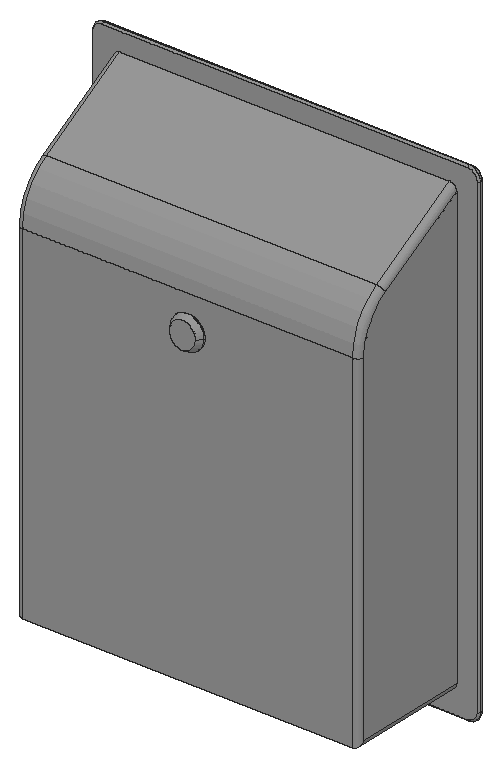
Revit family "KG02 Hand Towel Dispenser", category Generic Models, Revit 2016
Family settings
  Part Type = Normal
  Can host rebar = No
  Round Connector Dimension = Use Diameter
  Work Plane-Based = No
  Always vertical = Yes
  Cut with Voids When Loaded = No
  Shared = No
  Room Calculation Point = No
Parameters
  URL = "https://www.kingswaygroupusa.com/products/kg02-ligature-resistant-paper-towel-dispenser/"
  Telephone = "1-248-429-5520"
  Model = "KG02 Hand Towel Dispenser"
  Manufacturer = "Kingsway Group Inc"
  Finish = Brushed Stainless Steel
  Email Address = "sales@kingswaygroupusa.com"
  Description = "The Kingsway Group USA Stainless-steel paper towel dispenser provides a safe and effective means of dispensing paper towels and is anti-ligature by design."
  Address = "164 Indusco Court, Troy, Michigan, 48083. United States"
Reference planes (in)
  plane 1 "Center (Front/Back)": y = 0
  plane 2: z = 0
  plane 3 "Center (Left/Right)": x = 0
Lines and regions (in)
  symbolic lines
    curve 1: line (-6.61639, 0, 0) -> (6.61639, 0, 0)
    curve 2: line (-6.61639, -0.10621, 0) -> (-6.61639, 0, 0)
    curve 3: line (6.61639, -0.10621, 0) -> (-6.61639, -0.10621, 0)
    curve 4: line (6.61639, 0, 0) -> (6.61639, -0.10621, 0)
    curve 5: line (-5.83573, -4.05701, 0) -> (-5.83573, -0.10621, 0)
    curve 6: line (5.64001, -4.25386, 0) -> (-5.63888, -4.25386, 0)
    curve 7: line (5.83686, -0.10621, 0) -> (5.83686, -4.05701, 0)
    curve 8: arc (-5.83573, -4.05701, 0) -> (-5.77808, -4.1962, 0) -> (-5.63888, -4.25386, 0) r 0.19685
    curve 9: arc (5.64001, -4.25386, 0) -> (5.7792, -4.1962, 0) -> (5.83686, -4.05701, 0) r 0.19685
    curve 10: line (0, 0, 0) -> (0, -0.10621, 0)
    curve 11: line (0, 0, 16.9685) -> (0, 0, 0)
    curve 12: line (0, -0.10621, 16.9685) -> (0, 0, 16.9685)
    curve 13: line (0, -0.10621, 0) -> (0, -0.10621, 16.9685)
    curve 14: line (0, -0.10621, 0.79141) -> (0, -4.25386, 0.79141)
    curve 15: line (0, -4.25386, 0.79141) -> (0, -4.25386, 12.73797)
    curve 16: line (0, -0.10621, 16.28732) -> (0, -3.25386, 14.47002)
    curve 17: line (-5.6282, 0, 0.79428) -> (5.62671, 0, 0.79428)
    curve 18: line (5.62033, 0, 16.28766) -> (-5.62033, 0, 16.28766)
    curve 19: line (5.83686, 0, 1.00443) -> (5.83686, 0, 16.07112)
    curve 20: line (-5.83686, 0, 1.00294) -> (-5.83686, 0, 16.07112)
    curve 21: arc (-5.83686, 0, 16.07112) -> (-5.77344, 0, 16.22423) -> (-5.62033, 0, 16.28766) r 0.21654
    curve 22: arc (5.62033, 0, 16.28766) -> (5.77344, 0, 16.22423) -> (5.83686, 0, 16.07112) r 0.21654
    curve 23: arc (5.83686, 0, 1.00443) -> (5.77531, 0, 0.85583) -> (5.62671, 0, 0.79428) r 0.21015
    curve 24: arc (-5.6282, 0, 0.79428) -> (-5.77575, 0, 0.85539) -> (-5.83686, 0, 1.00294) r 0.20866
    curve 26: arc (0, -3.25386, 14.47002) -> (0, -3.98591, 13.73797) -> (0, -4.25386, 12.73797) r 2
  symbolic lines, style "GenericModel"
    curve 25: line (5.83686, 0, 12.6148) -> (-5.83686, 0, 12.6148)
Dimensions and locks (in)
  aligned and locked: level to plane 2
Nested families (in)
  nested 1: "KG02" at (0, 0, 0), type "KG02"
Definition of nested family "KG02"
  Parameters (values of type "KG02")
    Finish = none
  Reference planes (in)
    plane 1 "Center (Front/Back)": y = 0
    plane 2: z = 0
    plane 3 "Center (Left/Right)": x = 0
    plane 4 "Front": y = -4.25386
  Forms (in)
    Extrusion 1, solid, material <- "Finish"
      sketch origin (0, 0, 0) x (1, 0, 0) y (0, 0, 1)
        loop
          arc (6.23407, 0) -> (6.50441, 0.11198) -> (6.61639, 0.38231) r 0.38231
          line (6.61639, 0.38231) -> (6.61639, 16.58619)
          arc (6.61639, 16.58619) -> (6.50441, 16.85653) -> (6.23407, 16.9685) r 0.38231
          line (6.23407, 16.9685) -> (-6.23407, 16.9685)
          arc (-6.23407, 16.9685) -> (-6.50441, 16.85653) -> (-6.61639, 16.58619) r 0.38231
          line (-6.61639, 16.58619) -> (-6.61639, 0.38231)
          arc (-6.61639, 0.38231) -> (-6.50441, 0.11198) -> (-6.23407, 0) r 0.38231
          line (-6.23407, 0) -> (6.23407, 0)
      from 0 to 0.10621
    Sweep 2, void
      path in 3D
        loop
          arc (-6.61639, -0.10621, 0.38231) -> (-6.50441, -0.10621, 0.11198) -> (-6.23407, -0.10621, 0) r 0.38231
          line (-6.23407, -0.10621, 0) -> (6.23407, -0.10621, 0)
          arc (6.23407, -0.10621, 0) -> (6.50441, -0.10621, 0.11198) -> (6.61639, -0.10621, 0.38231) r 0.38231
          line (6.61639, -0.10621, 0.38231) -> (6.61639, -0.10621, 16.58619)
          arc (6.61639, -0.10621, 16.58619) -> (6.50441, -0.10621, 16.85653) -> (6.23407, -0.10621, 16.9685) r 0.38231
          line (6.23407, -0.10621, 16.9685) -> (-6.23407, -0.10621, 16.9685)
          arc (-6.23407, -0.10621, 16.9685) -> (-6.50441, -0.10621, 16.85653) -> (-6.61639, -0.10621, 16.58619) r 0.38231
          line (-6.61639, -0.10621, 16.58619) -> (-6.61639, -0.10621, 0.38231)
      profile origin (-6.61639, -0.10621, 8.48425) x (-1, 0, 0) y (0, -1, 0)
        loop
          line (0, -0.05826) -> (0, 0) -> (-0.05826, 0) -> (0, -0.05826)
    Extrusion 3, solid, material <- "Finish"
      sketch origin (0, 0, 0) x (0, 1, 0) y (0, 0, 1)
        loop
          line (-0.10621, 16.28556) -> (-3.23221, 14.48077)
          arc (-3.23221, 14.48077) -> (-3.98011, 13.73287) -> (-4.25386, 12.71121) r 2.04331
          line (-4.25386, 12.71121) -> (-4.25386, 0.79428) -> (-0.10621, 0.79428) -> (-0.10621, 16.28556)
      from -5.83686 to 5.83686
    Extrusion 4, solid, material <- "Finish"
      sketch origin (2.4001, -1.40346, -2.75846) x (1, 0, 0) y (0, 0, 1)
        loop
          circle (-2.4001, 14.28562) r 0.57347
      from 2.85039 to 3.07978
    Sweep 5, void
      path in 3D
        loop
          arc (0.57347, -4.48325, 11.52716) -> (0, -4.48325, 10.95369) -> (-0.57347, -4.48325, 11.52716) r 0.57347
          arc (-0.57347, -4.48325, 11.52716) -> (0, -4.48325, 12.10063) -> (0.57347, -4.48325, 11.52716) r 0.57347
      profile origin (0, -4.48325, 12.10063) x (0, 0, 1) y (0, -1, 0)
        loop
          line (-0.12616, 0) -> (0, -0.21027) -> (0, 0) -> (-0.12616, 0)
    Sweep 6, void
      path in 3D
        loop
          line (-5.83686, -0.04795, 16.3192) -> (-5.83686, -3.23221, 14.48077)
          arc (-5.83686, -3.23221, 14.48077) -> (-5.83686, -3.98011, 13.73287) -> (-5.83686, -4.25386, 12.71121) r 2.04331
          line (-5.83686, -4.25386, 12.71121) -> (-5.83686, -4.25386, 0.79428) -> (-5.83686, -0.10621, 0.79428)
      profile origin (-5.83686, -2.18004, 0.79428) x (1, 0, 0) y (0, 0, -1)
        loop
          arc (0, -0.21242) -> (0.06222, -0.06222) -> (0.21242, 0) r 0.21242
          line (0.21242, 0) -> (0, 0) -> (0, -0.21242)
    Sweep 7, void
      path in 3D
        loop
          line (5.83686, -0.04795, 16.3192) -> (5.83686, -3.23221, 14.48077)
          arc (5.83686, -3.23221, 14.48077) -> (5.83686, -3.98011, 13.73287) -> (5.83686, -4.25386, 12.71121) r 2.04331
          line (5.83686, -4.25386, 12.71121) -> (5.83686, -4.25386, 0.79428) -> (5.83686, -0.10621, 0.79428)
      profile origin (5.83686, -2.18004, 0.79428) x (1, 0, 0) y (0, 0, -1)
        loop
          line (0, -0.21242) -> (0, 0) -> (-0.21242, 0)
          arc (-0.21242, 0) -> (-0.06222, -0.06222) -> (0, -0.21242) r 0.21242
  Cuts and joins
    Sweep 2 cuts Extrusion 1
    Sweep 5 cuts Extrusion 4
    Sweep 6, Sweep 7 cuts Extrusion 3
  Lines and regions (in)
    sketch lines
      curve 1: line (-6.61639, -0.10621, 16.58619) -> (-6.61639, -0.10621, 0.38231)
      curve 2: arc (-6.61639, -0.10621, 16.58619) -> (-6.50441, -0.10621, 16.85653) -> (-6.23407, -0.10621, 16.9685) r 0.38231
      curve 3: line (6.23407, -0.10621, 16.9685) -> (-6.23407, -0.10621, 16.9685)
      curve 4: arc (6.23407, -0.10621, 16.9685) -> (6.50441, -0.10621, 16.85653) -> (6.61639, -0.10621, 16.58619) r 0.38231
      curve 5: line (6.61639, -0.10621, 0.38231) -> (6.61639, -0.10621, 16.58619)
      curve 6: arc (6.61639, -0.10621, 0.38231) -> (6.50441, -0.10621, 0.11198) -> (6.23407, -0.10621, 0) r 0.38231
      curve 7: line (-6.23407, -0.10621, 0) -> (6.23407, -0.10621, 0)
      curve 8: arc (-6.23407, -0.10621, 0) -> (-6.50441, -0.10621, 0.11198) -> (-6.61639, -0.10621, 0.38231) r 0.38231
      curve 255: arc (-0.57347, -4.48325, 11.52716) -> (0, -4.48325, 12.10063) -> (0.57347, -4.48325, 11.52716) r 0.57347
      curve 256: arc (0.57347, -4.48325, 11.52716) -> (0, -4.48325, 10.95369) -> (-0.57347, -4.48325, 11.52716) r 0.57347
      curve 261: line (-5.83686, -4.25386, 0.79428) -> (-5.83686, -0.10621, 0.79428)
      curve 262: line (-5.83686, -4.25386, 0.79428) -> (-5.83686, -4.25386, 12.71121)
      curve 263: arc (-5.83686, -3.23221, 14.48077) -> (-5.83686, -3.98011, 13.73287) -> (-5.83686, -4.25386, 12.71121) r 2.04331
      curve 264: line (-5.83686, -3.23221, 14.48077) -> (-5.83686, -0.04795, 16.3192)
      curve 265: line (5.83686, -4.25386, 0.79428) -> (5.83686, -0.10621, 0.79428)
      curve 266: line (5.83686, -4.25386, 0.79428) -> (5.83686, -4.25386, 12.71121)
      curve 267: arc (5.83686, -3.23221, 14.48077) -> (5.83686, -3.98011, 13.73287) -> (5.83686, -4.25386, 12.71121) r 2.04331
      curve 268: line (5.83686, -3.23221, 14.48077) -> (5.83686, -0.04795, 16.3192)
    symbolic lines
      curve 9: circle (-6.2278, 0, 16.57993) r 0.11469 normal (0, -1, 0)
      curve 10: circle (-6.2278, 0, 16.57993) r 0.17204 normal (0, -1, 0)
      curve 11: circle (-6.2278, 0, 0.38858) r 0.11469 normal (0, -1, 0)
      curve 12: circle (-6.2278, 0, 0.38858) r 0.17204 normal (0, -1, 0)
      curve 247: circle (6.22131, 0, 16.57993) r 0.11469 normal (0, 1, 0)
      curve 248: circle (6.22131, 0, 16.57993) r 0.17204 normal (0, 1, 0)
      curve 249: circle (6.22131, 0, 0.38858) r 0.11469 normal (0, 1, 0)
      curve 250: circle (6.22131, 0, 0.38858) r 0.17204 normal (0, 1, 0)
      curve 251: circle (-6.2278, 0, 8.48425) r 0.11469 normal (0, -1, 0)
      curve 252: circle (-6.2278, 0, 8.48425) r 0.17204 normal (0, -1, 0)
      curve 253: circle (6.22131, 0, 8.48425) r 0.11469 normal (0, 1, 0)
      curve 254: circle (6.22131, 0, 8.48425) r 0.17204 normal (0, 1, 0)
      curve 257: circle (0, 0, 16.57993) r 0.11469 normal (0, -1, 0)
      curve 258: circle (0, 0, 16.57993) r 0.17204 normal (0, -1, 0)
      curve 259: circle (0, 0, 0.38858) r 0.11469 normal (0, -1, 0)
      curve 260: circle (0, 0, 0.38858) r 0.17204 normal (0, -1, 0)
    model lines
      curve 13: arc (0.67742, -4.25386, 10.42758) -> (0.72423, -4.25386, 10.41892) -> (0.76156, -4.25386, 10.44845) r 0.0576
      curve 14: arc (0.76156, -4.25386, 10.50413) -> (0.72195, -4.25386, 10.5318) -> (0.67488, -4.25386, 10.5209) r 0.05943
      curve 15: arc (0.67488, -4.25386, 10.5209) -> (0.65422, -4.25386, 10.47364) -> (0.67742, -4.25386, 10.42758) r 0.06063
      curve 16: arc (0.63661, -4.25386, 10.47502) -> (0.6444, -4.25386, 10.44043) -> (0.66729, -4.25386, 10.41334) r 0.07458
      curve 17: arc (0.71032, -4.25386, 10.39974) -> (0.73913, -4.25386, 10.4058) -> (0.76219, -4.25386, 10.4241) r 0.06412
      curve 18: arc (0.31333, -4.25386, 10.55032) -> (0.27999, -4.25386, 10.53956) -> (0.2643, -4.25386, 10.50824) r 0.04529
      curve 19: arc (0.31554, -4.25386, 10.39974) -> (0.34992, -4.25386, 10.41058) -> (0.36553, -4.25386, 10.44308) r 0.04536
      curve 20: arc (0.31428, -4.25386, 10.41683) -> (0.33604, -4.25386, 10.42271) -> (0.34749, -4.25386, 10.44212) r 0.02987
      curve 21: arc (0.44049, -4.25386, 10.2287) -> (0.39343, -4.25386, 10.23957) -> (0.35382, -4.25386, 10.21194) r 0.05948
      curve 22: arc (0.35382, -4.25386, 10.15626) -> (0.39116, -4.25386, 10.12675) -> (0.43796, -4.25386, 10.13538) r 0.05765
      curve 23: arc (0.43796, -4.25386, 10.13538) -> (0.46115, -4.25386, 10.18145) -> (0.44049, -4.25386, 10.2287) r 0.06063
      curve 24: arc (0.47877, -4.25386, 10.18283) -> (0.47186, -4.25386, 10.21538) -> (0.45188, -4.25386, 10.24199) r 0.07717
      curve 25: arc (0.44809, -4.25386, 10.12114) -> (0.47108, -4.25386, 10.14818) -> (0.47877, -4.25386, 10.18283) r 0.07376
      curve 26: arc (0.35382, -4.25386, 10.13127) -> (0.37665, -4.25386, 10.11337) -> (0.40506, -4.25386, 10.10754) r 0.06328
      curve 27: arc (0.17131, -4.25386, 10.18093) -> (0.17237, -4.25386, 10.16159) -> (0.17953, -4.25386, 10.1436) r 0.06012
      curve 28: arc (0.17953, -4.25386, 10.1436) -> (0.19532, -4.25386, 10.12951) -> (0.21591, -4.25386, 10.12462) r 0.04311
      curve 29: arc (0.21591, -4.25386, 10.12462) -> (0.24405, -4.25386, 10.1331) -> (0.26399, -4.25386, 10.15468) r 0.05588
      curve 30: arc (0.21591, -4.25386, 10.10754) -> (0.24283, -4.25386, 10.11344) -> (0.26463, -4.25386, 10.13031) r 0.06275
      curve 31: arc (0.16182, -4.25386, 10.13727) -> (0.18478, -4.25386, 10.11497) -> (0.21591, -4.25386, 10.10754) r 0.06034
      curve 32: arc (0.04098, -4.25386, 10.12462) -> (0.09805, -4.25386, 10.18283) -> (0.04098, -4.25386, 10.24103) r 0.05822
      curve 33: arc (0.04098, -4.25386, 10.24103) -> (-0.01609, -4.25386, 10.18283) -> (0.04098, -4.25386, 10.12462) r 0.05822
      curve 34: arc (0.04098, -4.25386, 10.25812) -> (-0.034, -4.25386, 10.18283) -> (0.04098, -4.25386, 10.10754) r 0.07529
      curve 35: arc (0.04098, -4.25386, 10.10754) -> (0.11596, -4.25386, 10.18283) -> (0.04098, -4.25386, 10.25812) r 0.07529
      curve 36: arc (-0.06309, -4.25386, 10.25813) -> (-0.08857, -4.25386, 10.25263) -> (-0.10864, -4.25386, 10.23598) r 0.0548
      curve 37: arc (-0.0634, -4.25386, 10.24103) -> (-0.09085, -4.25386, 10.2319) -> (-0.10864, -4.25386, 10.20909) r 0.04998
      curve 38: arc (-0.15579, -4.25386, 10.61328) -> (-0.17167, -4.25386, 10.5973) -> (-0.15579, -4.25386, 10.58132) r 0.01598
      curve 39: arc (-0.15579, -4.25386, 10.58132) -> (-0.13968, -4.25386, 10.5973) -> (-0.15579, -4.25386, 10.61328) r 0.01598
      curve 40: arc (-0.02482, -4.25386, 10.53324) -> (-0.05389, -4.25386, 10.525) -> (-0.0748, -4.25386, 10.50319) r 0.05766
      curve 41: arc (0.01283, -4.25386, 10.51394) -> (-0.00358, -4.25386, 10.52829) -> (-0.02482, -4.25386, 10.53324) r 0.04498
      curve 42: arc (0.02105, -4.25386, 10.47851) -> (0.01993, -4.25386, 10.49691) -> (0.01283, -4.25386, 10.51394) r 0.05552
      curve 43: arc (0.03909, -4.25386, 10.47977) -> (0.03685, -4.25386, 10.50392) -> (0.02675, -4.25386, 10.52596) r 0.07223
      curve 44: arc (0.02675, -4.25386, 10.52596) -> (0.00408, -4.25386, 10.54436) -> (-0.0245, -4.25386, 10.55032) r 0.06195
      curve 45: arc (0.07703, -4.25386, 10.47502) -> (0.08483, -4.25386, 10.44042) -> (0.10773, -4.25386, 10.41334) r 0.07457
      curve 46: arc (0.15075, -4.25386, 10.39974) -> (0.17912, -4.25386, 10.40566) -> (0.20199, -4.25386, 10.42347) r 0.06414
      curve 47: arc (0.1498, -4.25386, 10.34089) -> (0.17664, -4.25386, 10.34647) -> (0.1963, -4.25386, 10.36558) r 0.04906
      curve 48: arc (0.09823, -4.25386, 10.36874) -> (0.12031, -4.25386, 10.34796) -> (0.1498, -4.25386, 10.34089) r 0.059
      curve 49: arc (0.084, -4.25386, 10.3583) -> (0.11231, -4.25386, 10.33265) -> (0.14947, -4.25386, 10.32381) r 0.07679
      curve 50: arc (0.14947, -4.25386, 10.32381) -> (0.18562, -4.25386, 10.33132) -> (0.21212, -4.25386, 10.35703) r 0.06618
      curve 51: arc (-0.35443, -4.25386, 10.22142) -> (-0.32791, -4.25386, 10.15345) -> (-0.26047, -4.25386, 10.12557) r 0.09295
      curve 52: arc (-0.26236, -4.25386, 10.31728) -> (-0.3287, -4.25386, 10.28886) -> (-0.35443, -4.25386, 10.22142) r 0.0925
      curve 53: arc (-0.26236, -4.25386, 10.33531) -> (-0.34201, -4.25386, 10.30189) -> (-0.37341, -4.25386, 10.22142) r 0.11073
      curve 54: arc (-0.37341, -4.25386, 10.22142) -> (-0.34096, -4.25386, 10.13999) -> (-0.25953, -4.25386, 10.10754) r 0.11092
      curve 55: arc (-0.25953, -4.25386, 10.10754) -> (-0.21217, -4.25386, 10.11845) -> (-0.17411, -4.25386, 10.14867) r 0.1102
      curve 56: arc (0.11784, -4.25386, 10.42758) -> (0.16465, -4.25386, 10.41893) -> (0.20199, -4.25386, 10.44845) r 0.05763
      curve 57: arc (0.20199, -4.25386, 10.50414) -> (0.1624, -4.25386, 10.53188) -> (0.11532, -4.25386, 10.5209) r 0.05927
      curve 58: arc (0.11532, -4.25386, 10.5209) -> (0.09465, -4.25386, 10.47365) -> (0.11784, -4.25386, 10.42758) r 0.06064
      curve 59: line (-0.80123, -4.25386, 10.13758) -> (-0.95579, -4.25386, 10.13758)
      curve 60: line (-0.95579, -4.25386, 10.13758) -> (-0.95579, -4.25386, 10.11373)
      curve 61: line (-0.95579, -4.25386, 10.11373) -> (-0.80123, -4.25386, 10.11373)
      curve 62: line (-0.80123, -4.25386, 10.11373) -> (-0.80123, -4.25386, 10.13758)
      curve 63: line (-0.68043, -4.25386, 10.11291) -> (-0.76472, -4.25386, 10.22001)
      curve 64: line (-0.76472, -4.25386, 10.22001) -> (-0.95579, -4.25386, 10.22001)
      curve 65: line (-0.95579, -4.25386, 10.22001) -> (-0.95579, -4.25386, 10.19617)
      curve 66: line (-0.95579, -4.25386, 10.19617) -> (-0.7763, -4.25386, 10.19617)
      curve 67: line (-0.7763, -4.25386, 10.19617) -> (-0.71076, -4.25386, 10.11291)
      curve 68: line (-0.71076, -4.25386, 10.11291) -> (-0.68043, -4.25386, 10.11291)
      curve 69: line (-0.80123, -4.25386, 10.63179) -> (-0.95579, -4.25386, 10.63179)
      curve 70: line (-0.95579, -4.25386, 10.63179) -> (-0.95579, -4.25386, 10.60795)
      curve 71: line (-0.95579, -4.25386, 10.60795) -> (-0.80123, -4.25386, 10.60795)
      curve 72: line (-0.80123, -4.25386, 10.60795) -> (-0.80123, -4.25386, 10.63179)
      curve 73: line (-0.95579, -4.25386, 10.46692) -> (-0.95579, -4.25386, 10.44308)
      curve 74: line (-0.95579, -4.25386, 10.44308) -> (-0.72208, -4.25386, 10.44308)
      curve 75: line (-0.72208, -4.25386, 10.44308) -> (-0.57291, -4.25386, 10.63261)
      curve 76: line (-0.57291, -4.25386, 10.63261) -> (-0.60323, -4.25386, 10.63261)
      curve 77: line (-0.60323, -4.25386, 10.63261) -> (-0.73365, -4.25386, 10.46692)
      curve 78: line (-0.73365, -4.25386, 10.46692) -> (-0.95579, -4.25386, 10.46692)
      curve 79: line (-0.95579, -4.25386, 10.30244) -> (-0.95579, -4.25386, 10.27859)
      curve 80: line (-0.95579, -4.25386, 10.27859) -> (-0.73365, -4.25386, 10.27859)
      curve 81: line (-0.73365, -4.25386, 10.27859) -> (-0.60323, -4.25386, 10.11292)
      curve 82: line (-0.60323, -4.25386, 10.11292) -> (-0.57291, -4.25386, 10.11292)
      curve 83: line (-0.57291, -4.25386, 10.11292) -> (-0.72208, -4.25386, 10.30244)
      curve 84: line (-0.72208, -4.25386, 10.30244) -> (-0.95579, -4.25386, 10.30244)
      curve 85: line (-0.95579, -4.25386, 10.54935) -> (-0.95579, -4.25386, 10.52552)
      curve 86: line (-0.95579, -4.25386, 10.52552) -> (-0.76472, -4.25386, 10.52552)
      curve 87: line (-0.76472, -4.25386, 10.52552) -> (-0.68043, -4.25386, 10.63261)
      curve 88: line (-0.68043, -4.25386, 10.63261) -> (-0.71076, -4.25386, 10.63261)
      curve 89: line (-0.71076, -4.25386, 10.63261) -> (-0.7763, -4.25386, 10.54935)
      curve 90: line (-0.7763, -4.25386, 10.54935) -> (-0.95579, -4.25386, 10.54935)
      curve 91: line (0.76156, -4.25386, 10.44845) -> (0.76156, -4.25386, 10.50413)
      curve 92: line (0.76219, -4.25386, 10.4241) -> (0.76219, -4.25386, 10.40291)
      curve 93: line (0.76219, -4.25386, 10.40291) -> (0.7796, -4.25386, 10.40291)
      curve 94: line (0.7796, -4.25386, 10.40291) -> (0.7796, -4.25386, 10.54716)
      curve 95: line (0.7796, -4.25386, 10.54716) -> (0.76219, -4.25386, 10.54716)
      curve 96: line (0.76219, -4.25386, 10.54716) -> (0.76219, -4.25386, 10.52722)
      curve 97: line (0.76219, -4.25386, 10.52722) -> (0.73547, -4.25386, 10.54557)
      curve 98: line (0.73547, -4.25386, 10.54557) -> (0.70936, -4.25386, 10.55032)
      curve 99: line (0.70936, -4.25386, 10.55032) -> (0.68164, -4.25386, 10.54487)
      curve 100: line (0.68164, -4.25386, 10.54487) -> (0.66349, -4.25386, 10.53418)
      curve 101: line (0.66349, -4.25386, 10.53418) -> (0.64229, -4.25386, 10.50473)
      curve 102: line (0.64229, -4.25386, 10.50473) -> (0.63661, -4.25386, 10.47502)
      curve 103: line (0.66729, -4.25386, 10.41334) -> (0.69165, -4.25386, 10.40203)
      curve 104: line (0.69165, -4.25386, 10.40203) -> (0.71032, -4.25386, 10.39974)
      curve 105: line (0.45503, -4.25386, 10.40291) -> (0.50186, -4.25386, 10.51773)
      curve 106: line (0.50186, -4.25386, 10.51773) -> (0.54867, -4.25386, 10.40291)
      curve 107: line (0.54867, -4.25386, 10.40291) -> (0.56039, -4.25386, 10.40291)
      curve 108: line (0.56039, -4.25386, 10.40291) -> (0.61605, -4.25386, 10.54716)
      curve 109: line (0.61605, -4.25386, 10.54716) -> (0.5974, -4.25386, 10.54716)
      curve 110: line (0.5974, -4.25386, 10.54716) -> (0.55374, -4.25386, 10.4339)
      curve 111: line (0.55374, -4.25386, 10.4339) -> (0.50756, -4.25386, 10.54716)
      curve 112: line (0.50756, -4.25386, 10.54716) -> (0.49617, -4.25386, 10.54716)
      curve 113: line (0.49617, -4.25386, 10.54716) -> (0.44997, -4.25386, 10.4339)
      curve 114: line (0.44997, -4.25386, 10.4339) -> (0.40633, -4.25386, 10.54716)
      curve 115: line (0.40633, -4.25386, 10.54716) -> (0.38765, -4.25386, 10.54716)
      curve 116: line (0.38765, -4.25386, 10.54716) -> (0.44334, -4.25386, 10.40291)
      curve 117: line (0.44334, -4.25386, 10.40291) -> (0.45503, -4.25386, 10.40291)
      curve 118: line (0.2643, -4.25386, 10.50824) -> (0.26594, -4.25386, 10.49728)
      curve 119: line (0.26594, -4.25386, 10.49728) -> (0.27046, -4.25386, 10.48878)
      curve 120: line (0.27046, -4.25386, 10.48878) -> (0.2773, -4.25386, 10.4823)
      curve 121: line (0.2773, -4.25386, 10.4823) -> (0.3059, -4.25386, 10.47056)
      curve 122: line (0.3059, -4.25386, 10.47056) -> (0.33449, -4.25386, 10.46113)
      curve 123: line (0.33449, -4.25386, 10.46113) -> (0.34392, -4.25386, 10.45357)
      curve 124: line (0.34656, -4.25386, 10.44843) -> (0.34749, -4.25386, 10.44212)
      curve 125: line (0.36553, -4.25386, 10.44308) -> (0.36389, -4.25386, 10.45439)
      curve 126: line (0.36389, -4.25386, 10.45439) -> (0.35937, -4.25386, 10.46328)
      curve 127: line (0.35937, -4.25386, 10.46328) -> (0.35253, -4.25386, 10.47017)
      curve 128: line (0.35253, -4.25386, 10.47017) -> (0.32392, -4.25386, 10.48282)
      curve 129: line (0.32392, -4.25386, 10.48282) -> (0.29532, -4.25386, 10.49197)
      curve 130: line (0.29532, -4.25386, 10.49197) -> (0.28589, -4.25386, 10.49865)
      curve 131: line (0.28232, -4.25386, 10.50856) -> (0.28395, -4.25386, 10.51703)
      curve 132: line (0.28395, -4.25386, 10.51703) -> (0.28837, -4.25386, 10.52369)
      curve 133: line (0.28837, -4.25386, 10.52369) -> (0.29487, -4.25386, 10.52857)
      curve 134: line (0.29487, -4.25386, 10.52857) -> (0.31428, -4.25386, 10.53324)
      curve 135: line (0.31428, -4.25386, 10.53324) -> (0.33526, -4.25386, 10.52961)
      curve 136: line (0.33526, -4.25386, 10.52961) -> (0.35033, -4.25386, 10.52153)
      curve 137: line (0.35033, -4.25386, 10.52153) -> (0.35982, -4.25386, 10.5364)
      curve 138: line (0.35982, -4.25386, 10.5364) -> (0.33703, -4.25386, 10.54698)
      curve 139: line (0.33703, -4.25386, 10.54698) -> (0.31333, -4.25386, 10.55032)
      curve 140: line (0.31428, -4.25386, 10.41683) -> (0.2884, -4.25386, 10.42276)
      curve 141: line (0.2884, -4.25386, 10.42276) -> (0.27062, -4.25386, 10.43422)
      curve 142: line (0.27062, -4.25386, 10.43422) -> (0.25955, -4.25386, 10.4203)
      curve 143: line (0.25955, -4.25386, 10.4203) -> (0.28672, -4.25386, 10.40437)
      curve 144: line (0.28672, -4.25386, 10.40437) -> (0.31554, -4.25386, 10.39974)
      curve 145: line (-0.22315, -4.25386, 10.40291) -> (-0.19784, -4.25386, 10.40291)
      curve 146: line (-0.19784, -4.25386, 10.40291) -> (-0.31678, -4.25386, 10.51963)
      curve 147: line (-0.31678, -4.25386, 10.51963) -> (-0.20733, -4.25386, 10.62435)
      curve 148: line (-0.20733, -4.25386, 10.62435) -> (-0.23264, -4.25386, 10.62435)
      curve 149: line (-0.23264, -4.25386, 10.62435) -> (-0.33703, -4.25386, 10.52501)
      curve 150: line (-0.33703, -4.25386, 10.52501) -> (-0.33703, -4.25386, 10.62435)
      curve 151: line (-0.33703, -4.25386, 10.62435) -> (-0.35601, -4.25386, 10.62435)
      curve 152: line (-0.35601, -4.25386, 10.62435) -> (-0.35601, -4.25386, 10.40291)
      curve 153: line (-0.35601, -4.25386, 10.40291) -> (-0.33703, -4.25386, 10.40291)
      curve 154: line (-0.33703, -4.25386, 10.40291) -> (-0.33703, -4.25386, 10.51489)
      curve 155: line (-0.33703, -4.25386, 10.51489) -> (-0.22315, -4.25386, 10.40291)
      curve 156: line (0.35382, -4.25386, 10.21194) -> (0.35382, -4.25386, 10.15626)
      curve 157: line (0.40506, -4.25386, 10.10754) -> (0.42896, -4.25386, 10.11137)
      curve 158: line (0.42896, -4.25386, 10.11137) -> (0.44809, -4.25386, 10.12114)
      curve 159: line (0.45188, -4.25386, 10.24199) -> (0.42814, -4.25386, 10.25469)
      curve 160: line (0.42814, -4.25386, 10.25469) -> (0.40602, -4.25386, 10.25812)
      curve 161: line (0.40602, -4.25386, 10.25812) -> (0.37345, -4.25386, 10.25053)
      curve 162: line (0.37345, -4.25386, 10.25053) -> (0.35319, -4.25386, 10.23503)
      curve 163: line (0.35319, -4.25386, 10.23503) -> (0.35319, -4.25386, 10.25496)
      curve 164: line (0.35319, -4.25386, 10.25496) -> (0.33579, -4.25386, 10.25496)
      curve 165: line (0.33579, -4.25386, 10.25496) -> (0.33579, -4.25386, 10.03478)
      curve 166: line (0.33579, -4.25386, 10.03478) -> (0.35382, -4.25386, 10.03478)
      curve 167: line (0.35382, -4.25386, 10.03478) -> (0.35382, -4.25386, 10.13127)
      curve 168: line (-0.46537, -4.25386, 10.63261) -> (-0.4957, -4.25386, 10.63261)
      curve 169: line (-0.4957, -4.25386, 10.63261) -> (-0.691, -4.25386, 10.38449)
      curve 170: line (-0.691, -4.25386, 10.38449) -> (-0.95579, -4.25386, 10.38449)
      curve 171: line (-0.95579, -4.25386, 10.38449) -> (-0.95579, -4.25386, 10.36065)
      curve 172: line (-0.95579, -4.25386, 10.36065) -> (-0.691, -4.25386, 10.36065)
      curve 173: line (-0.691, -4.25386, 10.36065) -> (-0.496, -4.25386, 10.11291)
      curve 174: line (-0.496, -4.25386, 10.11291) -> (-0.46565, -4.25386, 10.11291)
      curve 175: line (-0.46565, -4.25386, 10.11291) -> (-0.67005, -4.25386, 10.37258)
      curve 176: line (-0.67005, -4.25386, 10.37258) -> (-0.46537, -4.25386, 10.63261)
      curve 177: line (0.17131, -4.25386, 10.18093) -> (0.17131, -4.25386, 10.25496)
      curve 178: line (0.17131, -4.25386, 10.25496) -> (0.15327, -4.25386, 10.25496)
      curve 179: line (0.15327, -4.25386, 10.25496) -> (0.15327, -4.25386, 10.17808)
      curve 180: line (0.15327, -4.25386, 10.17808) -> (0.15608, -4.25386, 10.15181)
      curve 181: line (0.15608, -4.25386, 10.15181) -> (0.16182, -4.25386, 10.13727)
      curve 182: line (0.26463, -4.25386, 10.13031) -> (0.26463, -4.25386, 10.1107)
      curve 183: line (0.26463, -4.25386, 10.1107) -> (0.28203, -4.25386, 10.1107)
      curve 184: line (0.28203, -4.25386, 10.1107) -> (0.28203, -4.25386, 10.25496)
      curve 185: line (0.28203, -4.25386, 10.25496) -> (0.26399, -4.25386, 10.25496)
      curve 186: line (0.26399, -4.25386, 10.25496) -> (0.26399, -4.25386, 10.15468)
      curve 187: line (-0.10864, -4.25386, 10.23598) -> (-0.10864, -4.25386, 10.25496)
      curve 188: line (-0.10864, -4.25386, 10.25496) -> (-0.12668, -4.25386, 10.25496)
      curve 189: line (-0.12668, -4.25386, 10.25496) -> (-0.12668, -4.25386, 10.1107)
      curve 190: line (-0.12668, -4.25386, 10.1107) -> (-0.10864, -4.25386, 10.1107)
      curve 191: line (-0.10864, -4.25386, 10.1107) -> (-0.10864, -4.25386, 10.20909)
      curve 192: line (-0.05486, -4.25386, 10.24073) -> (-0.0634, -4.25386, 10.24103)
      curve 193: line (-0.0634, -4.25386, 10.24103) -> (-0.05486, -4.25386, 10.24073)
      curve 194: line (-0.05486, -4.25386, 10.24073) -> (-0.05233, -4.25386, 10.25749)
      curve 195: line (0.83684, -4.25386, 10.32698) -> (0.85582, -4.25386, 10.32698)
      curve 196: line (0.85582, -4.25386, 10.32698) -> (0.95579, -4.25386, 10.54716)
      curve 197: line (0.95579, -4.25386, 10.54716) -> (0.93648, -4.25386, 10.54716)
      curve 198: line (0.93648, -4.25386, 10.54716) -> (0.88555, -4.25386, 10.43517)
      curve 199: line (0.88555, -4.25386, 10.43517) -> (0.83145, -4.25386, 10.54716)
      curve 200: line (0.83145, -4.25386, 10.54716) -> (0.81121, -4.25386, 10.54716)
      curve 201: line (0.81121, -4.25386, 10.54716) -> (0.87639, -4.25386, 10.41461)
      curve 202: line (0.87639, -4.25386, 10.41461) -> (0.83684, -4.25386, 10.32698)
      curve 203: line (0.02105, -4.25386, 10.47851) -> (0.02105, -4.25386, 10.40291)
      curve 204: line (0.02105, -4.25386, 10.40291) -> (0.03909, -4.25386, 10.40291)
      curve 205: line (0.03909, -4.25386, 10.40291) -> (0.03909, -4.25386, 10.47977)
      curve 206: line (-0.0245, -4.25386, 10.55032) -> (-0.05627, -4.25386, 10.54294)
      curve 207: line (-0.05627, -4.25386, 10.54294) -> (-0.07543, -4.25386, 10.52691)
      curve 208: line (-0.07543, -4.25386, 10.52691) -> (-0.07543, -4.25386, 10.54716)
      curve 209: line (-0.07543, -4.25386, 10.54716) -> (-0.09284, -4.25386, 10.54716)
      curve 210: line (-0.09284, -4.25386, 10.54716) -> (-0.09284, -4.25386, 10.40291)
      curve 211: line (-0.09284, -4.25386, 10.40291) -> (-0.0748, -4.25386, 10.40291)
      curve 212: line (-0.0748, -4.25386, 10.40291) -> (-0.0748, -4.25386, 10.50319)
      curve 213: line (0.10773, -4.25386, 10.41334) -> (0.13209, -4.25386, 10.40203)
      curve 214: line (0.13209, -4.25386, 10.40203) -> (0.15075, -4.25386, 10.39974)
      curve 215: line (0.20199, -4.25386, 10.42347) -> (0.20199, -4.25386, 10.40291)
      curve 216: line (0.20199, -4.25386, 10.40291) -> (0.20047, -4.25386, 10.3787)
      curve 217: line (0.20047, -4.25386, 10.3787) -> (0.1963, -4.25386, 10.36558)
      curve 218: line (0.09823, -4.25386, 10.36874) -> (0.084, -4.25386, 10.3583)
      curve 219: line (0.21212, -4.25386, 10.35703) -> (0.21873, -4.25386, 10.37937)
      curve 220: line (0.21873, -4.25386, 10.37937) -> (0.22002, -4.25386, 10.40353)
      curve 221: line (0.22002, -4.25386, 10.40353) -> (0.22002, -4.25386, 10.54715)
      curve 222: line (0.22002, -4.25386, 10.54715) -> (0.20263, -4.25386, 10.54715)
      curve 223: line (0.20263, -4.25386, 10.54715) -> (0.20263, -4.25386, 10.52722)
      curve 224: line (0.20263, -4.25386, 10.52722) -> (0.1759, -4.25386, 10.54558)
      curve 225: line (0.1759, -4.25386, 10.54558) -> (0.1498, -4.25386, 10.55032)
      curve 226: line (0.1498, -4.25386, 10.55032) -> (0.12207, -4.25386, 10.54487)
      curve 227: line (0.12207, -4.25386, 10.54487) -> (0.10393, -4.25386, 10.53418)
      curve 228: line (0.10393, -4.25386, 10.53418) -> (0.08272, -4.25386, 10.50473)
      curve 229: line (0.08272, -4.25386, 10.50473) -> (0.07703, -4.25386, 10.47502)
      curve 230: line (-0.17411, -4.25386, 10.14867) -> (-0.17411, -4.25386, 10.24199)
      curve 231: line (-0.17411, -4.25386, 10.24199) -> (-0.26585, -4.25386, 10.24199)
      curve 232: line (-0.26585, -4.25386, 10.24199) -> (-0.26585, -4.25386, 10.22395)
      curve 233: line (-0.26585, -4.25386, 10.22395) -> (-0.19308, -4.25386, 10.22395)
      curve 234: line (-0.19308, -4.25386, 10.22395) -> (-0.19308, -4.25386, 10.15342)
      curve 235: line (-0.19308, -4.25386, 10.15342) -> (-0.22693, -4.25386, 10.13154)
      curve 236: line (-0.22693, -4.25386, 10.13154) -> (-0.26047, -4.25386, 10.12557)
      curve 237: line (-0.26236, -4.25386, 10.31728) -> (-0.22011, -4.25386, 10.30738)
      curve 238: line (-0.22011, -4.25386, 10.30738) -> (-0.19499, -4.25386, 10.28849)
      curve 239: line (-0.19499, -4.25386, 10.28849) -> (-0.18202, -4.25386, 10.30146)
      curve 240: line (-0.18202, -4.25386, 10.30146) -> (-0.22257, -4.25386, 10.32831)
      curve 241: line (-0.22257, -4.25386, 10.32831) -> (-0.26236, -4.25386, 10.33531)
      curve 242: line (-0.1466, -4.25386, 10.40291) -> (-0.1466, -4.25386, 10.54716)
      curve 243: line (-0.1466, -4.25386, 10.54716) -> (-0.16464, -4.25386, 10.54716)
      curve 244: line (-0.16464, -4.25386, 10.54716) -> (-0.16464, -4.25386, 10.40291)
      curve 245: line (-0.16464, -4.25386, 10.40291) -> (-0.1466, -4.25386, 10.40291)
      curve 246: line (0.20199, -4.25386, 10.44845) -> (0.20199, -4.25386, 10.50414)
  Dimensions and locks (in)
    aligned and locked: level to plane 2
